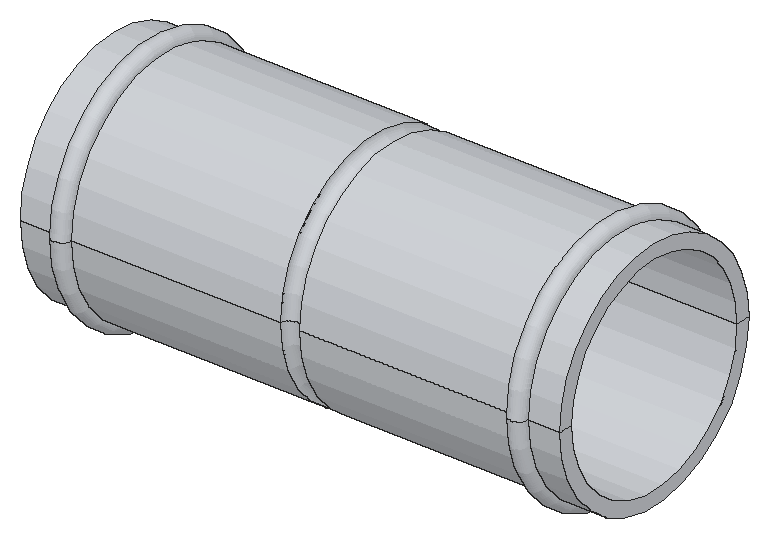
Revit family "PipeFitting_StraightConnector_PressWater-B_Conex_15-50mm", category Pipe Fittings, Revit 2019
Family settings
  Round Connector Dimension = Use Radius
  Part Type = Union
  OmniClass Number = 23.60.30.11.14
  OmniClass Title = Pipework Fittings
  Work Plane-Based = No
  Always vertical = Yes
  Cut with Voids When Loaded = No
  Shared = No
Parameters (values of type "Standard_Straight Connector")
  Z [instance] = size_lookup(Lookup Table Name, "Z", 120.00 mm, NominalDiameter)  # 4.00 mm
  Uniformat IIElements = "TBC"
  URL = "http://www.conexbanninger.com.au/"
  Type Comments = "Conex Bänninger specialises in providing the best plumbing fittings and accessories across the globe by offering innovative and versatile jointing solutions. Since 1909 Conex Bänninger has produced over 10 billion copper fittings and has built its reputation for quality manufacturing, back by first-class customer service and unrivalled expertise. Passionate about excellence, Conex Bänninger is a byword for quality in the domestic, commercial, industrial, air conditioning and refrigeration markets worldwide.\r\nConex Bänninger is an ISO 9000 quality assured company, which assures you the very best in quality.\r\nConex Bänninger >B< Press is a versatile press fitting system for use with hard, half hard or soft copper tube providing a secure, life long, leak-proof joint.\r\nApproved Tools - The following tools are approved tools for installation of >B< Press fittings:\r\n•\tRomax compact (Rothenberger)\r\n•\tRomax 3000 (Rothenberger)\r\n•\tPicco (Viega)\r\n•\tPT3-AH & 4B (Viega)"
  SerialNumber [instance] = ""
  RingRadius [instance] = 0.09 * Radius  # 0.675 mm
  RingOffset [instance] = 0.4 * Radius  # 3.00 mm
  ProductCode [instance] = if(NominalDiameter = 15.00 mm, "404600", if(NominalDiameter = 20.00 mm, "404601", if(NominalDiameter = 25.00 mm, "404602", if(NominalDiameter = 32.00 mm, "404603", if(NominalDiameter = 40.00 mm, "404604", if(NominalDiameter = 50.00 mm, "404605", "ProductCode NA"))))))  # "404600"
  OmniclassProducts = "TBC"
  NominalDiameter [instance] = 15.00 mm
  Radius [instance] = NominalDiameter / 2  # 7.50 mm
  NATSPECWorkSection = "TBC"
  ModifiedIssue_ANZRS = 20130927.63
  Model Version = "2013-03"
  Model Status [instance] = ""
  Model Specification = "BMA"
  Model = "Standard_Straight Connector"
  Material = none
  Mark [instance] = ""
  Manufacturer = "Conex | Bänninger"  # constant formula
  Lookup Table Name = "Straight Connector_PressWater-B_Conex_15-50mm"
  L [instance] = size_lookup(Lookup Table Name, "L", 1.8 * NominalDiameter, NominalDiameter)  # 39.00 mm
  FinalHHWFlow [instance] = 0.0 L/s
  Description = ">B< Press fittings are quick to fit, providing a low cost installation solution. The slimline design gives aesthetically pleasing finish with a secure, permanent joint that can´t be tampered with. >B< Press fittings are Watermark\r\n approved and certified to AS3688."
  CreatedBy_ANZRS = "A2K Technologies"
  CreatedByURL_ANZRS = "http://www.bimmepaus.com.au/"
  Assembly Code = "D2090800"
Reference planes
  plane 1 "Center (Front/Back)": y = 0
  plane 2: z = 0
  plane 3 "Center (Left/Right)": x = 0
  plane 4 "Right": x = 19.5
  plane 5 "Left": x = -19.5
Forms (mm)
  Revolve 1, solid, material <- "Material", detail levels fine
    sketch origin (0, 0, 0) x (1, 0, 0) y (0, 1, 0)
      loop
        line (19.5, 7.5) -> (19.5, 8.5) -> (17.175, 8.5)
        arc (17.175, 8.5) -> (16.5, 9.175) -> (15.825, 8.5) r 0.675
        line (15.825, 8.5) -> (0.675, 8.5)
        arc (0.675, 8.5) -> (0, 7.825) -> (-0.675, 8.5) r 0.675
        line (-0.675, 8.5) -> (-15.825, 8.5)
        arc (-15.825, 8.5) -> (-16.5, 9.175) -> (-17.175, 8.5) r 0.675
        line (-17.175, 8.5) -> (-19.5, 8.5) -> (-19.5, 7.5) -> (-0.675, 7.5) -> (-0.675, 0) -> (0.675, 0) -> (0.675, 7.5) -> (19.5, 7.5)
      axis (-19.5, 0) -> (19.5, 0)
    angle from 0 to 360
Dimensions and locks
  "L": plane 5 "Left" to plane 4 "Right"
  equal spacing: plane 5 "Left", plane 3 "Center (Left/Right)", plane 4 "Right"
  locked: Revolve 1 sketch curve to Revolve 1 sketch curve at 1  (x4)
  "RingOffset": Revolve 1 sketch curve to plane 4 "Right"
  "RingOffset": plane 5 "Left" to Revolve 1 sketch curve
  "Radius": Revolve 1 sketch curve to plane 1 "Center (Front/Back)"  (x2)
  equal spacing: Revolve 1 sketch curve, nested 1, Revolve 1 sketch curve
  "RingRadius": nested 1 to Revolve 1 sketch curve
  "RingRadius": radius of Revolve 1 sketch curve  (x3)
  aligned and locked: plane 2 to level
  aligned and locked: plane 3 "Center (Left/Right)" to nested 1
  aligned and locked: plane 1 "Center (Front/Back)" to nested 1
  aligned and locked: plane 1 "Center (Front/Back)" to Revolve 1 sketch curve
Automatic sketch dimensions
  Revolve 1 sketch curve to plane 5 "Left" = 0.00 mm
  Revolve 1 sketch curve to plane 3 "Center (Left/Right)" = 0.00 mm
  Revolve 1 sketch curve to plane 4 "Right" = 0.00 mm
  plane 1 "Center (Front/Back)" to Revolve 1 sketch curve = 0.00 mm
  Revolve 1 sketch curve to plane 4 "Right" = 21.858 mm
  Revolve 1 sketch curve to Revolve 1 sketch curve = 15.00 mm
Nested families
  nested 1: "StraightConnector_S" at (0, 0, 0), type "StraightConnector_S", detail levels coarse+medium
Connectors
  piping at (0.675, 0, 0), diameter 15, driven by "Radius"
    settings: on Revolve 1, index 3, connector inside diameter 609.6 mm, connector length 0.00 mm, flow factor 0, pipe flow 0.0 L/s, pressure drop 0.0 Pa, fitting loss kfactor 0, connector angle 0.00°, fixture units 0, engagement length 0.00 mm, angle of deflection 0.00°, flow configuration 0, flow direction 0, fitting loss method 0, system type 28, joint type 0, gender type 0, connector reference index -1, connector utility 0, adjustable connector no, is connector primary yes, connector description ""
  piping at (-0.675, 0, 0), diameter 15, driven by "Radius"
    settings: on Revolve 1, index 4, connector inside diameter 609.6 mm, connector length 0.00 mm, flow factor 0, pipe flow 0.0 L/s, pressure drop 0.0 Pa, fitting loss kfactor 0, connector angle 0.00°, fixture units 0, engagement length 0.00 mm, angle of deflection 0.00°, flow configuration 0, flow direction 0, fitting loss method 0, system type 28, joint type 0, gender type 0, connector reference index -1, connector utility 0, adjustable connector no, is connector primary no, connector description ""
Definition of nested family "StraightConnector_S"
  Parameters
    D = 15.00 mm
    L = 39.00 mm
  Reference planes
    plane 1 "Center (Front/Back)": y = 0
    plane 2: z = 0
    plane 3 "Center (Left/Right)": x = 0
  Lines and regions (mm)
    model lines
      curve 1: line (-19.5, 0, 0) -> (19.5, 0, 0)
      curve 2: line (19.5, -7.5, 0) -> (19.5, 7.5, 0)
      curve 3: line (-19.5, -7.5, 0) -> (-19.5, 7.5, 0)
  Dimensions and locks
    "L": curve 3 to curve 2
    equal spacing: curve 3, plane 3 "Center (Left/Right)", curve 2
    equal spacing: curve 2, plane 1 "Center (Front/Back)", curve 2
    "D": curve 2 to curve 2
    "D": curve 3 to curve 3
    equal spacing: curve 3, plane 1 "Center (Front/Back)", curve 3
    aligned and locked: level to plane 2
    aligned and locked: plane 1 "Center (Front/Back)" to curve 1
